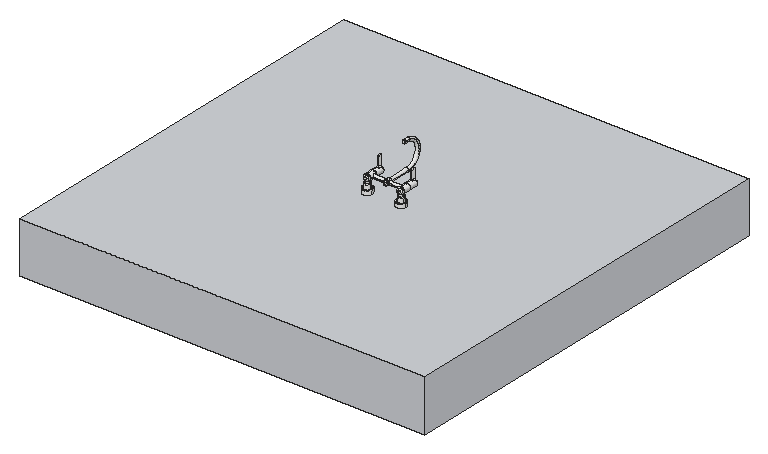
Revit family "Tap-Sink Set-Caroma G Series Exposed Breech 80 Lever (160 Outlet)-Wall_Temp_5dd0f7b9-14f0-4afa-8b5f-f429eaa61fbc", category Plumbing Fixtures, host Face, Revit 2015
Parameters (values of type "Chrome")
  Waste Connection = no
  Vent Connection = no
  URL = "http://specify.caroma.com.au/"
  Type Comments = "Caroma G Series Plus Exp Breech Wall Set 160 outlet 80 Hdl"  # constant formula
  ModifiedIssue_ANZRS = 20170419.54  # constant formula
  Model = "G53380C4A"  # constant formula
  Material_ANZRS = Metal-Chrome-Caroma
  Manufacturer = "GWA Bathrooms&Kitchens"  # constant formula
  Keynote = ""
  HWFU = 0
  HW Connection = yes
  Description = "WELS 4 star rated, 7.5L/min"  # constant formula
  Default Elevation = 1000 mm
  CreatedBy_ANZRS = "Design Content"  # constant formula
  CreatedByURL_ANZRS = "http://www.designcontent.com.au"
  Cost = 0
  HotWaterConnectorDiameter = 20 mm
  ColdWaterConnectorDiameter = 20 mm
  CWFU = 0
  CW Connection = yes
  Assembly Code = "D2020"
Reference planes
  plane 1 "Center (Front/Back)": y = 0
  plane 2: z = 0
  plane 3 "Center (Left/Right)": x = 0
  plane 4: x = -127.93
  plane 5: x = 127.93
  plane 6: y = 27.941
  plane 7: y = -27.941
  plane 8: x = -100.006
  plane 9: x = 100
  plane 10: z = 79.616
Forms (mm)
  Extrusion 1, solid
    sketch origin (19.2, -119.2, 0) x (1, 0, 0) y (0, 1, 0)
      loop
        line (-1219.2, 1319.2) -> (-1219.2, -1080.8) -> (1180.8, -1080.8) -> (1180.8, 1319.2) -> (-1219.2, 1319.2)
    from 0 to -304.8
  Extrusion 2, solid, material "Metal-Chrome-Caroma" <- "Material_ANZRS"
    sketch origin (0, 0, 0) x (0, 1, 0) y (0, 0, 1)
      loop
        circle (23.634, 79.488) r 9.7
    from 101.751 to -96.607
  Revolve 3, solid, material "Metal-Chrome-Caroma" <- "Material_ANZRS"
    sketch origin (0, 0, 0) x (1, 0, 0) y (0, 0, 1)
      loop
        line (-100.006, 0) -> (-72.071, 0) -> (-72.071, 23.439)
        arc (-72.071, 23.439) -> (-72.234, 23.832) -> (-72.627, 23.994) r 0.555
        line (-72.627, 23.994) -> (-82.493, 23.994) -> (-82.493, 49.869)
        arc (-82.493, 49.869) -> (-82.822, 50.665) -> (-83.618, 50.994) r 1.125
        line (-83.618, 50.994) -> (-90.054, 50.994) -> (-89.926, 80.675) -> (-100.006, 80.675) -> (-100.006, 0)
      axis (-100.006, 80.675) -> (-100.006, 0)
    angle from 0 to 360
  Revolve 4, solid, material "Metal-Chrome-Caroma" <- "Material_ANZRS"
    sketch origin (-100.006, -4572, 11.744) x (0, 0, 1) y (0, -1, 0)
      loop
        line (67.75, -4669.517) -> (67.75, -4558) -> (56.596, -4558)
        arc (56.596, -4558) -> (54.756, -4558.536) -> (53.492, -4559.977) r 3.425
        line (53.492, -4559.977) -> (49.862, -4567.763)
        arc (49.862, -4567.763) -> (49.304, -4569.397) -> (49.107, -4571.111) r 8.064
        line (49.107, -4571.111) -> (48.799, -4612.481)
        arc (48.799, -4612.481) -> (48.95, -4612.85) -> (49.318, -4613.003) r 0.519
        line (49.318, -4613.003) -> (50.272, -4613.003) -> (51.078, -4613.249) -> (49.277, -4613.249)
        arc (49.277, -4613.249) -> (48.904, -4613.404) -> (48.75, -4613.776) r 0.527
        line (48.75, -4613.776) -> (48.75, -4666.572)
        arc (48.75, -4666.572) -> (49.65, -4667.515) -> (50.901, -4667.881) r 2.52
        line (50.901, -4667.881) -> (51.887, -4668.038) -> (57.919, -4668.038) -> (57.919, -4669.002)
        arc (57.919, -4669.002) -> (62.826, -4669.427) -> (67.75, -4669.517) r 72.371
      axis (67.75, -4669.517) -> (67.75, -4558)
    angle from 0 to 360
  Revolve 5, solid, material "Metal-Chrome-Caroma" <- "Material_ANZRS"
    sketch origin (0, 0, 0) x (-1, 0, 0) y (0, 0, -1)
      loop
        line (-100.006, 0) -> (-100.006, -80.675) -> (-89.926, -80.675) -> (-90.054, -50.994) -> (-83.618, -50.994)
        arc (-83.618, -50.994) -> (-82.822, -50.665) -> (-82.493, -49.869) r 1.125
        line (-82.493, -49.869) -> (-82.493, -23.994) -> (-72.627, -23.994)
        arc (-72.627, -23.994) -> (-72.234, -23.832) -> (-72.071, -23.439) r 0.555
        line (-72.071, -23.439) -> (-72.071, 0) -> (-100.006, 0)
      axis (-100.006, -80.675) -> (-100.006, 0)
    angle from 0 to 360
  Revolve 6, solid, material "Metal-Chrome-Caroma" <- "Material_ANZRS"
    sketch origin (100.006, -4572, 11.744) x (0, 0, 1) y (0, 1, 0)
      loop
        arc (67.75, 4669.517) -> (62.826, 4669.427) -> (57.919, 4669.002) r 72.371
        line (57.919, 4669.002) -> (57.919, 4668.038) -> (51.965, 4668.038) -> (51.087, 4667.898)
        arc (51.087, 4667.898) -> (49.73, 4667.581) -> (48.75, 4666.592) r 2.52
        line (48.75, 4666.592) -> (48.75, 4613.776)
        arc (48.75, 4613.776) -> (48.904, 4613.404) -> (49.277, 4613.249) r 0.527
        line (49.277, 4613.249) -> (51.078, 4613.249) -> (50.272, 4613.003) -> (49.318, 4613.003)
        arc (49.318, 4613.003) -> (48.95, 4612.85) -> (48.799, 4612.481) r 0.519
        line (48.799, 4612.481) -> (49.107, 4571.111)
        arc (49.107, 4571.111) -> (49.304, 4569.397) -> (49.862, 4567.763) r 8.064
        line (49.862, 4567.763) -> (53.492, 4559.977)
        arc (53.492, 4559.977) -> (54.756, 4558.536) -> (56.596, 4558) r 3.425
        line (56.596, 4558) -> (67.75, 4558) -> (67.75, 4669.517)
      axis (67.75, 4669.517) -> (67.75, 4558)
    angle from 0 to 360
  Revolve 7, solid, material "Tap-Hot Red-Caroma"
    sketch origin (-100.006, -4572, 11.744) x (0, 0, 1) y (0, -1, 0)
      loop
        line (57.744, -4669.048) -> (57.744, -4668.038) -> (50.871, -4668.038)
        arc (50.871, -4668.038) -> (54.283, -4668.708) -> (57.744, -4669.048) r 36.352
      axis (67.75, -4668.038) -> (67.75, -4669.048)
    angle from 0 to 360
  Revolve 8, solid, material "Tap-Cold Blue-Caroma"
    sketch origin (100.006, -4572, 11.744) x (0, 0, 1) y (0, 1, 0)
      loop
        arc (57.744, 4669.048) -> (54.283, 4668.708) -> (50.871, 4668.038) r 36.352
        line (50.871, 4668.038) -> (57.744, 4668.038) -> (57.744, 4669.048)
      axis (67.75, 4668.038) -> (67.75, 4669.048)
    angle from 0 to 360
  Extrusion 9, solid, material "Metal-Chrome-Caroma" <- "Material_ANZRS"
    sketch origin (0, 27.941, 23.364) x (0, 0, 1) y (1, 0, 0)
      loop
        line (133.13, -96.883) -> (80.13, -96.883)
        arc (80.13, -96.883) -> (75.958, -95.515) -> (73.407, -91.941) r 7.044
        line (73.407, -91.941) -> (73.407, -107.513)
        arc (73.407, -107.513) -> (76.048, -104.152) -> (80.13, -102.883) r 7.196
        line (80.13, -102.883) -> (133.13, -102.883)
        arc (133.13, -102.883) -> (136.13, -99.883) -> (133.13, -96.883) r 3
    from 50.62 to 66.631
  Extrusion 10, solid, material "Metal-Chrome-Caroma" <- "Material_ANZRS"
    sketch origin (0, 27.941, 23.364) x (0, 0, 1) y (1, 0, 0)
      loop
        arc (133.13, 97) -> (136.13, 100) -> (133.13, 103) r 3
        line (133.13, 103) -> (80.13, 103)
        arc (80.13, 103) -> (76.048, 104.27) -> (73.407, 107.63) r 7.196
        line (73.407, 107.63) -> (73.407, 92.058)
        arc (73.407, 92.058) -> (75.958, 95.632) -> (80.13, 97) r 7.044
        line (80.13, 97) -> (133.13, 97)
    from 50.62 to 66.631
  Sweep 11, solid, material "Metal-Chrome-Caroma" <- "Material_ANZRS"
    path origin (0, 0, -0.039) x (0, 1, 0) y (0, 0, 1)
      loop
        line (146.991, 239.53) -> (173.228, 239.53)
        arc (173.228, 239.53) -> (247.689, 156.832) -> (167.64, 79.53) r 80.098
        line (167.64, 79.53) -> (23.794, 79.53)
    profile origin (0, 160.109, 239.491) x (0, 0, 1) y (1, 0, 0)
      loop
        circle (0, 0) r 9.5
  Revolve 12, solid, material "Metal-Chrome-Caroma" <- "Material_ANZRS"
    sketch origin (0, 0, 0) x (0, 1, 0) y (0, 0, 1)
      loop
        line (35.865, 92.995) -> (13.075, 92.995)
        arc (13.075, 92.995) -> (11.916, 92.868) -> (10.813, 92.494) r 5.354
        line (10.813, 92.494) -> (7.937, 91.153)
        arc (7.937, 91.153) -> (6.999, 90.33) -> (6.65, 89.133) r 2.228
        line (6.65, 89.133) -> (6.65, 79.495) -> (40.669, 79.495) -> (40.669, 88.853)
        arc (40.669, 88.853) -> (40.59, 89.244) -> (40.364, 89.572) r 1
        line (40.364, 89.572) -> (37.505, 92.333)
        arc (37.505, 92.333) -> (36.75, 92.823) -> (35.865, 92.995) r 2.36
      axis (40.669, 79.495) -> (6.65, 79.495)
    angle from 0 to 360
Cuts and joins
  joined: Extrusion 2, Revolve 3, Revolve 4, Revolve 5, Revolve 6, Sweep 11, Revolve 12
Lines and regions (mm)
  Masking region 1
    outline origin (0, 0, 0) x (1, 0, 0) y (0, 1, 0)
      loop
        arc (127.94, 0) -> (125.609, 11.171) -> (119.006, 20.478) r 27.935
        line (119.006, 20.478) -> (119.006, 94.573)
        arc (119.006, 94.573) -> (118.343, 95.378) -> (117.472, 95.953) r 3.515
        arc (117.472, 95.953) -> (113.658, 96.849) -> (109.749, 97.129) r 24.625
        arc (109.749, 97.129) -> (100.282, 97.609) -> (90.816, 97.118) r 92.525
        arc (90.816, 97.118) -> (86.622, 96.89) -> (82.528, 95.953) r 24.625
        arc (82.528, 95.953) -> (81.666, 95.385) -> (81.006, 94.592) r 3.515
        line (81.006, 94.592) -> (81.006, 33.29) -> (13.501, 33.29) -> (13.501, 36.068)
        arc (13.501, 36.068) -> (13.369, 36.747) -> (12.993, 37.329) r 1.818
        line (12.993, 37.329) -> (9.5, 40.958) -> (9.5, 247.706)
        arc (9.5, 247.706) -> (0, 257.206) -> (-9.5, 247.706) r 9.5
        line (-9.5, 247.706) -> (-9.5, 40.958) -> (-12.993, 37.329)
        arc (-12.993, 37.329) -> (-13.369, 36.747) -> (-13.501, 36.068) r 1.818
        line (-13.501, 36.068) -> (-13.501, 33.369) -> (-81.006, 33.369) -> (-81.006, 94.592)
        arc (-81.006, 94.592) -> (-81.666, 95.385) -> (-82.528, 95.953) r 3.515
        arc (-82.528, 95.953) -> (-86.622, 96.89) -> (-90.816, 97.118) r 24.625
        arc (-90.816, 97.118) -> (-100.282, 97.609) -> (-109.749, 97.129) r 92.525
        arc (-109.749, 97.129) -> (-113.658, 96.849) -> (-117.472, 95.953) r 24.625
        arc (-117.472, 95.953) -> (-118.343, 95.378) -> (-119.006, 94.573) r 3.515
        line (-119.006, 94.573) -> (-119.006, 20.478)
        arc (-119.006, 20.478) -> (-125.609, 11.171) -> (-127.94, 0) r 27.935
        arc (-127.94, 0) -> (-92.792, -26.987) -> (-75.797, 13.939) r 27.935
        line (-75.797, 13.939) -> (-13.5, 13.939)
        arc (-13.5, 13.939) -> (-13.471, 12.897) -> (-13.406, 11.857) r 28.964
        line (-13.406, 11.857) -> (-11.924, 8.188)
        arc (-11.924, 8.188) -> (-11.02, 7.073) -> (-9.647, 6.653) r 2.455
        line (-9.647, 6.653) -> (0, 6.653) -> (9.647, 6.653)
        arc (9.647, 6.653) -> (11.02, 7.073) -> (11.924, 8.188) r 2.455
        line (11.924, 8.188) -> (13.406, 11.857)
        arc (13.406, 11.857) -> (13.471, 12.897) -> (13.5, 13.939) r 28.964
        line (13.5, 13.939) -> (75.797, 13.939)
        arc (75.797, 13.939) -> (92.792, -26.987) -> (127.94, 0) r 27.935
  Masking region 2
    outline origin (0, 0, 0) x (0, 1, 0) y (0, 0, 1)
      loop
        line (94.572, 98.711) -> (94.572, 159.536)
        arc (94.572, 159.536) -> (94.352, 160.066) -> (93.822, 160.286) r 0.75
        line (93.822, 160.286) -> (79.235, 160.286)
        arc (79.235, 160.286) -> (78.68, 160.056) -> (78.45, 159.501) r 0.785
        line (78.45, 159.501) -> (78.45, 98.499) -> (0, 98.499)
        arc (0, 98.499) -> (-2.169, 98.276) -> (-4.247, 97.618) r 10.688
        line (-4.247, 97.618) -> (-12.607, 93.999)
        arc (-12.607, 93.999) -> (-13.663, 93.11) -> (-14.058, 91.788) r 2.409
        line (-14.058, 91.788) -> (-14.058, 67.684)
        arc (-14.058, 67.684) -> (-13.854, 66.796) -> (-13.283, 66.087) r 2.031
        arc (-13.283, 66.087) -> (-11.721, 65.056) -> (-10.009, 64.298) r 11.268
        line (-10.009, 64.298) -> (-10.009, 50.994) -> (-16.367, 50.994)
        arc (-16.367, 50.994) -> (-17.181, 50.657) -> (-17.519, 49.842) r 1.152
        line (-17.519, 49.842) -> (-17.519, 23.987) -> (-27.397, 23.987)
        arc (-27.397, 23.987) -> (-27.82, 23.79) -> (-27.941, 23.34) r 0.552
        line (-27.941, 23.34) -> (-27.941, 0) -> (0, 0) -> (27.935, 0) -> (27.935, 23.484)
        arc (27.935, 23.484) -> (27.785, 23.845) -> (27.424, 23.995) r 0.511
        line (27.424, 23.995) -> (17.526, 23.995) -> (17.526, 49.885)
        arc (17.526, 49.885) -> (17.202, 50.669) -> (16.417, 50.994) r 1.109
        line (16.417, 50.994) -> (9.951, 50.994) -> (9.951, 60.486) -> (94.56, 60.486)
        arc (94.56, 60.486) -> (95.511, 61.404) -> (96.038, 62.616) r 3.376
        arc (96.038, 62.616) -> (96.736, 66.257) -> (97.264, 69.928) r 79.405
        line (97.264, 69.928) -> (173.571, 69.928)
        arc (173.571, 69.928) -> (257.866, 159.459) -> (173.571, 248.991) r 89.694
        line (173.571, 248.991) -> (146.991, 248.991) -> (146.991, 229.991) -> (173.507, 229.991)
        arc (173.507, 229.991) -> (237.661, 159.678) -> (173.507, 89.366) r 70.608
        line (173.507, 89.366) -> (97.2, 89.366)
        arc (97.2, 89.366) -> (96.676, 92.873) -> (95.995, 96.354) r 79.405
        arc (95.995, 96.354) -> (95.479, 97.65) -> (94.572, 98.711) r 4.275
  Masking region 3
    outline origin (0, -11.972, 79.494) x (0, 0, 1) y (-1, 0, 0)
      loop
        line (-79.494, 72.071) -> (-56.03, 72.071)
        arc (-56.03, 72.071) -> (-55.655, 72.226) -> (-55.5, 72.601) r 0.53
        line (-55.5, 72.601) -> (-55.5, 82.493) -> (-29.576, 82.493)
        arc (-29.576, 82.493) -> (-28.798, 82.815) -> (-28.475, 83.593) r 1.101
        line (-28.475, 83.593) -> (-28.475, 89.993) -> (-16.148, 89.993)
        arc (-16.148, 89.993) -> (-13.288, 86.425) -> (-9.658, 83.644) r 19
        line (-9.658, 83.644) -> (-9.658, 9.474)
        arc (-9.658, 9.474) -> (-13.54, 0.112) -> (-9.814, -9.312) r 13.501
        line (-9.814, -9.312) -> (-9.814, -83.737)
        arc (-9.814, -83.737) -> (-13.353, -86.489) -> (-16.148, -89.993) r 19
        line (-16.148, -89.993) -> (-28.475, -89.993) -> (-28.475, -83.593)
        arc (-28.475, -83.593) -> (-28.798, -82.815) -> (-29.576, -82.493) r 1.101
        line (-29.576, -82.493) -> (-55.5, -82.493) -> (-55.5, -72.601)
        arc (-55.5, -72.601) -> (-55.655, -72.226) -> (-56.03, -72.071) r 0.53
        line (-56.03, -72.071) -> (-79.494, -72.071) -> (-79.494, -127.94) -> (-56.03, -127.94)
        arc (-56.03, -127.94) -> (-55.655, -127.785) -> (-55.5, -127.41) r 0.53
        line (-55.5, -127.41) -> (-55.5, -117.519) -> (-29.576, -117.519)
        arc (-29.576, -117.519) -> (-28.798, -117.196) -> (-28.475, -116.418) r 1.101
        line (-28.475, -116.418) -> (-28.475, -110.018) -> (-16.148, -110.018)
        arc (-16.148, -110.018) -> (1.289, -118.963) -> (17.277, -107.63) r 18.891
        arc (17.277, -107.63) -> (19.918, -104.27) -> (24, -103) r 7.196
        line (24, -103) -> (77, -103)
        arc (77, -103) -> (80, -100) -> (77, -97) r 3
        line (77, -97) -> (24, -97)
        arc (24, -97) -> (19.89, -95.677) -> (17.324, -92.204) r 7.044
        arc (17.324, -92.204) -> (14.213, -87.396) -> (9.809, -83.734) r 19
        line (9.809, -83.734) -> (9.809, -9.496) -> (158.957, -9.496)
        spline (158.957, -9.496) -> (161.776, -9.172) -> (164.403, -8.223) -> (166.659, -6.712) -> (168.39, -4.743) -> (169.479, -2.451) -> (169.85, 0.01) -> (169.479, 2.47) -> (168.39, 4.763) -> (166.659, 6.731) -> (164.403, 8.242) -> (161.776, 9.192) -> (158.957, 9.516)
        line (158.957, 9.516) -> (9.712, 9.516) -> (9.712, 83.675)
        arc (9.712, 83.675) -> (14.167, 87.198) -> (17.277, 91.951) r 17.7
        arc (17.277, 91.951) -> (19.828, 95.524) -> (24, 96.893) r 7.044
        line (24, 96.893) -> (77, 96.893)
        arc (77, 96.893) -> (79.995, 99.888) -> (77, 102.883) r 2.995
        line (77, 102.883) -> (24, 102.883)
        arc (24, 102.883) -> (20.585, 103.745) -> (17.988, 106.125) r 7.196
        arc (17.988, 106.125) -> (2.153, 118.883) -> (-16.148, 110.018) r 19
        line (-16.148, 110.018) -> (-28.475, 110.018) -> (-28.475, 116.418)
        arc (-28.475, 116.418) -> (-28.798, 117.196) -> (-29.576, 117.519) r 1.101
        line (-29.576, 117.519) -> (-55.5, 117.519) -> (-55.5, 127.41)
        arc (-55.5, 127.41) -> (-55.655, 127.785) -> (-56.03, 127.94) r 0.53
        line (-56.03, 127.94) -> (-79.494, 127.94) -> (-79.494, 72.071)
  symbolic lines
    curve 1: line (13.501, 33.134, 0) -> (13.501, 14.134, 0)
    curve 2: line (-13.501, 33.134, 0) -> (-13.501, 14.134, 0)
    curve 3: arc (-110.554, -13.98, 0) -> (-100.006, -17.513, 0) -> (-89.457, -13.98, 0) r 17.513
    curve 4: line (100, 17.513, 23.994) -> (100, -17.513, 23.994)
    curve 5: line (100, -10.009, 50.994) -> (100, 9.951, 50.994)
    curve 6: line (100, 41.249, 98.499) -> (100, 41.249, 60.486)
    curve 7: line (100, -0.143, 63.799) -> (100, 9.951, 60.486)
    curve 8: spline (100, -4.237, 64.074) -> (100, -3.921, 63.995) -> (100, -3.598, 63.926) -> (100, -3.268, 63.866) -> (100, -2.934, 63.817) -> (100, -2.594, 63.778) -> (100, -2.251, 63.75) -> (100, -1.904, 63.732) -> (100, -1.554, 63.724) -> (100, -1.202, 63.727) -> (100, -0.849, 63.741) -> (100, -0.496, 63.764) -> (100, -0.143, 63.799)
    curve 9: line (100, -10.009, 64.298) -> (100, -4.237, 64.074)
    curve 10: line (100, 94.572, 98.494) -> (100, 78.423, 98.494)
    curve 11: line (100, -14.043, 90.474) -> (100, -14.043, 68.355)
    curve 12: arc (0, -11.972, 65.993) -> (12.487, -11.972, 74.361) -> (9.496, -11.972, 89.091) r 13.501
    curve 13: arc (-9.516, -11.972, 89.072) -> (-12.482, -11.972, 74.348) -> (0, -11.972, 65.993) r 13.501
    curve 14: line (-72.627, -11.972, 23.994) -> (-127.385, -11.972, 23.994)
    curve 15: line (-83.618, -11.972, 50.994) -> (-116.394, -11.972, 50.994)
    curve 16: line (117.519, 27.941, 23.994) -> (82.493, 27.941, 23.994)
    curve 17: line (89.993, 27.941, 51.019) -> (110.018, 27.941, 51.019)
    curve 18: arc (-100.006, -11.972, 89.501) -> (-89.999, -11.972, 79.494) -> (-100.006, -11.972, 69.488) r 10.006
    curve 19: arc (-100.006, -11.972, 69.488) -> (-110.012, -11.972, 79.494) -> (-100.006, -11.972, 89.501) r 10.006
    curve 20: arc (100.006, -11.972, 89.501) -> (89.999, -11.972, 79.494) -> (100.006, -11.972, 69.488) r 10.006
    curve 21: arc (100.006, -11.972, 69.488) -> (110.012, -11.972, 79.494) -> (100.006, -11.972, 89.501) r 10.006
    curve 22: line (-97.483, 78.45, 0) -> (-102.17, 78.45, 0)
    curve 23: line (-96.884, 93.986, 0) -> (-96.884, 79.05, 0)
    curve 24: line (-102.242, 94.572, 0) -> (-97.47, 94.572, 0)
    curve 25: line (-102.863, 79.144, 0) -> (-102.863, 93.951, 0)
    curve 26: arc (-97.47, 94.572, 0) -> (-97.055, 94.4, 0) -> (-96.884, 93.986, 0) r 0.586
    curve 27: arc (-96.884, 79.05, 0) -> (-97.059, 78.626, 0) -> (-97.483, 78.45, 0) r 0.6
    curve 28: arc (-102.17, 78.45, 0) -> (-102.66, 78.653, 0) -> (-102.863, 79.144, 0) r 0.694
    curve 29: arc (-102.863, 93.951, 0) -> (-102.681, 94.39, 0) -> (-102.242, 94.572, 0) r 0.621
    curve 30: line (97.619, 78.45, 0) -> (102.296, 78.45, 0)
    curve 31: line (97.019, 93.986, 0) -> (97.019, 79.05, 0)
    curve 32: line (102.368, 94.572, 0) -> (97.606, 94.572, 0)
    curve 33: line (102.989, 79.144, 0) -> (102.989, 93.951, 0)
    curve 34: arc (97.606, 94.572, 0) -> (97.191, 94.4, 0) -> (97.019, 93.986, 0) r 0.586
    curve 35: arc (97.019, 79.05, 0) -> (97.195, 78.626, 0) -> (97.619, 78.45, 0) r 0.6
    curve 36: arc (102.296, 78.45, 0) -> (102.786, 78.653, 0) -> (102.989, 79.144, 0) r 0.694
    curve 37: arc (102.989, 93.951, 0) -> (102.807, 94.39, 0) -> (102.368, 94.572, 0) r 0.621
    curve 38: arc (0, 97.2, 89.366) -> (0, 98.007, 79.647) -> (0, 97.267, 69.923) r 61.485
    curve 39: arc (-89.993, -11.972, 63.346) -> (-100.006, -11.972, 60.494) -> (-110.018, -11.972, 63.346) r 19
    curve 40: arc (-83.675, -11.972, 89.206) -> (-86.696, -11.972, 65.935) -> (-110.018, -11.972, 63.346) r 19
    curve 41: line (9.496, -11.972, 89.304) -> (9.496, -11.972, 79.581)
    curve 42: line (-9.516, -11.972, 89.304) -> (-9.516, -11.972, 79.581)
    curve 43: arc (9.496, -11.972, 79.581) -> (-0.01, -11.972, 70.076) -> (-9.516, -11.972, 79.581) r 9.506
    curve 44: line (-81.108, 33.334, 0) -> (-81.252, 13.934, 0)
    curve 45: line (-119.006, 20.478, 0) -> (-118.629, -1.039, 0)
    curve 46: line (-117.893, -4.225, 0) -> (-114.245, -12.051, 0)
    curve 47: line (-111.216, -13.98, 0) -> (-88.79, -13.98, 0)
    curve 48: line (-85.83, -12.107, 0) -> (-82.138, -4.31, 0)
    curve 49: line (-81.252, 13.934, 0) -> (-81.361, -0.913, 0)
    curve 50: arc (-114.245, -12.051, 0) -> (-113.011, -13.457, 0) -> (-111.216, -13.98, 0) r 3.342
    curve 51: arc (-88.79, -13.98, 0) -> (-87.039, -13.472, 0) -> (-85.83, -12.107, 0) r 3.275
    curve 52: arc (-82.138, -4.31, 0) -> (-81.564, -2.654, 0) -> (-81.361, -0.913, 0) r 8.075
    curve 53: arc (-118.629, -1.039, 0) -> (-118.429, -2.671, 0) -> (-117.893, -4.225, 0) r 7.865
    curve 54: arc (110.554, -13.98, 0) -> (100.006, -17.513, 0) -> (89.457, -13.98, 0) r 17.513
    curve 55: line (119.006, 20.478, 0) -> (118.629, -1.039, 0)
    curve 56: line (117.893, -4.225, 0) -> (114.245, -12.051, 0)
    curve 57: line (111.216, -13.98, 0) -> (88.79, -13.98, 0)
    curve 58: line (85.83, -12.107, 0) -> (82.138, -4.31, 0)
    curve 59: line (81.252, 13.934, 0) -> (81.361, -0.913, 0)
    curve 60: arc (114.245, -12.051, 0) -> (113.011, -13.457, 0) -> (111.216, -13.98, 0) r 3.342
    curve 61: arc (88.79, -13.98, 0) -> (87.039, -13.472, 0) -> (85.83, -12.107, 0) r 3.275
    curve 62: arc (82.138, -4.31, 0) -> (81.564, -2.654, 0) -> (81.361, -0.913, 0) r 8.075
    curve 63: arc (118.629, -1.039, 0) -> (118.429, -2.671, 0) -> (117.893, -4.225, 0) r 7.865
    curve 64: line (81.252, 13.934, 0) -> (81.108, 33.334, 0)
    curve 65: line (-75.797, 13.939, 0) -> (-81.252, 13.934, 0)
    curve 66: line (75.797, 13.939, 0) -> (81.252, 13.934, 0)
    curve 67: line (-9.5, 146.991, 0) -> (9.5, 146.991, 0)
    curve 68: line (-9.5, 40.958, 0) -> (9.5, 40.958, 0)
    curve 69: arc (83.734, -11.972, 89.304) -> (86.655, -11.972, 65.975) -> (110.018, -11.972, 63.346) r 19
    curve 70: arc (100.006, 0, 62.616) -> (116.884, 0, 79.494) -> (100.006, 0, 96.373) r 16.879
    curve 71: arc (100.006, 0, 96.373) -> (83.127, 0, 79.494) -> (100.006, 0, 62.616) r 16.879
    curve 72: arc (-100.006, 0, 62.616) -> (-83.127, 0, 79.494) -> (-100.006, 0, 96.373) r 16.879
    curve 73: arc (-100.006, 0, 96.373) -> (-116.884, 0, 79.494) -> (-100.006, 0, 62.616) r 16.879
Dimensions and locks
  aligned and locked: plane 2 to Extrusion 1
  aligned and locked: level to Extrusion 1
  aligned and locked: Masking region 2 sketch curve to cut or joined group of Extrusion 2, Revolve 3, Revolve 4, Revolve 5, Revolve 6, Sweep 11, Revolve 12
Connectors
  piping at (-100.006, 0, 0), diameter 20, driven by "HotWaterConnectorDiameter"
    settings: on cut or joined group of Extrusion 2, Revolve 3, Revolve 4, Revolve 5, Revolve 6, Sweep 11, Revolve 12, index 1, connector inside diameter 24", connector length 0 mm, flow factor 0, pipe flow 0 GPM, pressure drop 0.00 psi, fitting loss kfactor 0, connector angle 0.00°, fixture units 0, engagement length 0 mm, angle of deflection 0.00°, flow configuration 3, flow direction 1, fitting loss method 0, system type 19, joint type 0, gender type 0, connector reference index -1, connector utility 0, adjustable connector no, is connector primary yes, connector description "Connector"
  piping at (100.006, 0, 0), diameter 20, driven by "ColdWaterConnectorDiameter"
    settings: on cut or joined group of Extrusion 2, Revolve 3, Revolve 4, Revolve 5, Revolve 6, Sweep 11, Revolve 12, index 2, connector inside diameter 24", connector length 0 mm, flow factor 0, pipe flow 0 GPM, pressure drop 0.00 psi, fitting loss kfactor 0, connector angle 0.00°, fixture units 0, engagement length 0 mm, angle of deflection 0.00°, flow configuration 3, flow direction 1, fitting loss method 0, system type 20, joint type 0, gender type 0, connector reference index -1, connector utility 0, adjustable connector no, is connector primary no, connector description "Connector"
